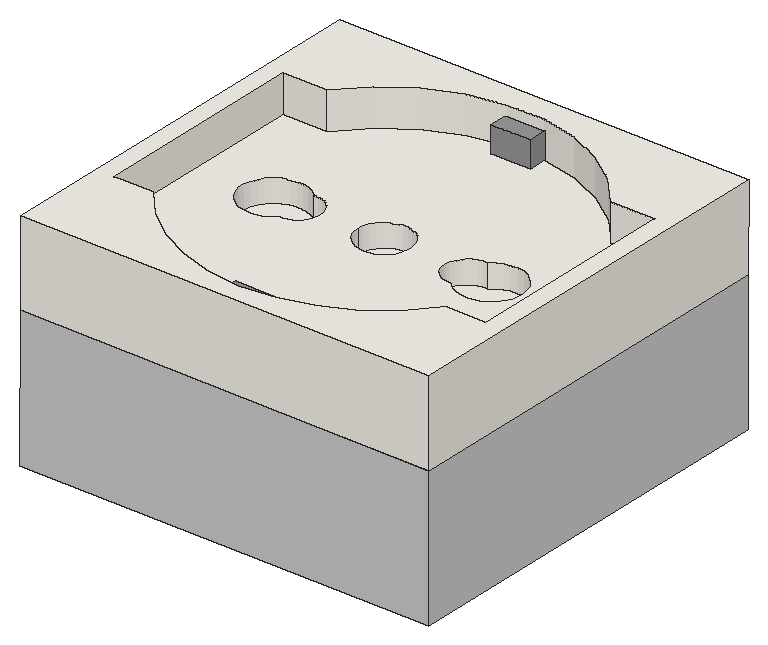
Revit family "Domotics-DomesticRanges-GEWISS-CHORUS_POWER-SOCKET-OUTLET_ITADEU_P30_16A", category Apparecchi elettrici, host Superficie, Revit 2016
Family settings
  Host = Superficie
  Mantenere orientamento annotazione = Sì
  Tipo di parte = Normale
  Quota connettore circolare = Usa diametro
  Numero OmniClass = 23.80.50.14
  Titolo OmniClass = Plug Connectors
  Taglio con vuoti quando caricato = Sì
  Condiviso = Sì
  Punto di calcolo locali = No
Parameters (values of type "GW14205 - Titanium")
  Wiring terminals = "With screw"
  Voltage: = "250 V ac"
  Voltage = "250 V ac"
  Vista di pianta [instance] = yes
  Version file RFA = "19.0"
  URL = "https://www.gewiss.com/ww/en"
  Type = "P30"
  Tipo_ = CHORUS PRESE ITAGER P30 16A_BASE : TITANIO
  Thermo-pressure with ball = "125 °C"
  Terminal tightening capacity rigid cables (mm2) = "min. 0,5 - max. 2x2,5"
  Terminal tightening capacity flexible cables (mm2) = "min. 0,75 - max. 2x4"
  Terminal grip on cable traction = "> 50 N"
  Technical sheet = "https://www.gewiss.com/ww/en/search?q=GW14205"
  Standard; = "IEC 60884-1"
  Standard: = "Italian / German"
  Standard = "Italian / German"
  Socket-out type = "P30"
  Simbolo_ = SIMBOLO PRESE : PRESA
  SIMBOLO [instance] = yes
  SEO = "Socket outlet"
  Resistance at test voltage = "2000 V at 50 Hz for 1 minute"
  Realized by GEWISS S.p.A. = ""
  Prolonged operation (no.of position changes) = "10.000 at In 250 V ac cosØ=0,8"
  Produttore = "GEWISS S.p.A."
  Offset presa [instance] = 0 mm
  No. Chorus modules: = "2"
  No. Chorus modules = "2"
  Modello = "GW14205"
  Larghezza presa = 46 mm
  Insulation resistance = "> 5 MOhm"
  IFC.TypeObject = ""
  IFC.ExportType = ""
  IFC.ExportAs = ""
  IDT = "4361459a-fdcf-4cc1-be1a-a7e1343b0a22"
  IDF = "2708ae5f-4db8-49eb-bc6d-5fb6d0f939dd"
  Glow Wire Test = "850°C"
  GW - Testo Elettrico = "UNIV."
  Offset bidimensionale7 = 2 mm  # constant formula
  For plug pins = "Ø 4 / 4.8 mm"
  Electrocod = "0131"
  Earth pit = "Side and central"
  EAN code = "8011564266322"
  Distanza_x [instance] = 0 mm  # constant formula
  Distanza_effettiva_x [instance] = 1500 mm - Distanza_x  # 1500 mm
  Default Elevation = 1219.2 mm
  Immagine tipo = GW14205.jpg
  Descrizione = "SOCKET 2M 2P+E 16A P30 IT/G ST TITANIUM"
  Description: = "2P+E - 16A"
  Description. = "Dual amperage socket-outlet"
  Cornice simbolo [instance] = yes
  Colour = "Titanium"
  Characteristics = "With safety shields"
  Category = "Dual amperage socket-outlet"
  Catalogue Range = "CHORUS - DOMESTIC RANGE"
  Catalogue = "DOMOTICS"
  COBie.Tagnumber = ""
  COBie.CreatedOn = ""
  COBie.CreatebBy = ""
  COBie.ComponentRegisterItemID = ""
  COBie.Component.TagNumber = ""
  COBie.Component.Space = ""
  COBie.Component.SerialNumber = ""
  COBie.Component.InstallationDate = ""
  COBie.Component.Description = ""
  COBie.Component.BarCode = ""
  Breaking capacity: = "1.25 In (100 position changes)"
Types (3, lengths in mm): name | Tipo_ | Technical sheet | Modello | IDT | EAN code | Immagine tipo | Descrizione | Description. | Colour | Category
  GW10205 - White | CHORUS PRESE ITAGER P30 16A_BASE : BIANCO | "https://www.gewiss.com/ww/en/search?q=GW10205" | "GW10205" | "6f927c5d-74ee-4dff-9f37-f799bf4b2693" | "8011564257948" | GW10205.jpg | "S. OUT. 2M 2P+EARTH 16A P30 IT/DE ST WH" | "Socket-outlet" | "White" | "Socket-outlet"
  GW12205 - Black | CHORUS PRESE ITAGER P30 16A_BASE : NERO | "https://www.gewiss.com/ww/en/search?q=GW12205" | "GW12205" | "23d8ec0d-d4e9-416f-953e-5ff4d338385d" | "8011564266902" | GW12205.jpg | "SOCKET, 2M 2P+E 16A P30 IT/G ST BLACK" | "Dual amperage socket-outlet" | "Black" | "Dual amperage socket-outlet"
  GW14205 - Titanium | CHORUS PRESE ITAGER P30 16A_BASE : TITANIO | "https://www.gewiss.com/ww/en/search?q=GW14205" | "GW14205" | "4361459a-fdcf-4cc1-be1a-a7e1343b0a22" | "8011564266322" | GW14205.jpg | "SOCKET 2M 2P+E 16A P30 IT/G ST TITANIUM" | "Dual amperage socket-outlet" | "Titanium" | "Dual amperage socket-outlet"
Reference planes
  plane 1 "Centro (Fronte/Retro)": y = 0
  plane 2: z = 0
  plane 3 "Centro (Sinistra/Destra)": x = 0
  plane 4: z = 0
  plane 5 "piano bidimensionale": z = 28
  plane 6: x = 0
  plane 7: x = -23
  plane 8: x = 23
  plane 9: z = 26
  plane 10: x = -1500
Lines and regions (mm)
  Masking region 1, visible <- "Vista di pianta"
    outline origin (0, 0, 0) x (1, 0, 0) y (0, 0, 1)
      loop
        line (-23, 26) -> (-23, 0) -> (23, 0) -> (23, 26) -> (-23, 26)
  model lines, style "pulsanti", detail levels coarse
    curve 1: line (23, 22.5, 28) -> (23, -22.5, 28)
    curve 2: line (23, -22.5, 28) -> (-23, -22.5, 28)
    curve 3: line (-23, -22.5, 28) -> (-23, 22.5, 28)
    curve 4: line (-23, 22.5, 28) -> (23, 22.5, 28)
    curve 5: arc (2.942, 0, 28) -> (0, -2.942, 28) -> (-2.942, 0, 28) r 2.942
    curve 6: arc (-2.942, 0, 28) -> (0, 2.942, 28) -> (2.942, 0, 28) r 2.942
    curve 7: arc (-9.662, -2.712, 28) -> (-15.774, -0.395, 28) -> (-9.805, 2.27, 28) r 3.536
    curve 8: arc (-9.805, 2.27, 28) -> (-7.04, -0.143, 28) -> (-9.662, -2.712, 28) r 2.5
    curve 9: arc (9.805, 2.27, 28) -> (15.774, -0.395, 28) -> (9.662, -2.712, 28) r 3.536
    curve 10: arc (9.662, -2.712, 28) -> (7.04, -0.143, 28) -> (9.805, 2.27, 28) r 2.5
    curve 11: line (-2.211, 17.826, 28) -> (2.211, 17.826, 28)
    curve 12: line (2.211, 17.826, 28) -> (2.211, 19.836, 28)
    curve 13: line (-2.211, 19.836, 28) -> (-2.211, 17.826, 28)
    curve 14: line (2.211, -18.215, 28) -> (-2.211, -18.215, 28)
    curve 15: line (-2.211, -18.215, 28) -> (-2.211, -20.225, 28)
    curve 16: line (2.211, -20.225, 28) -> (2.211, -18.215, 28)
    curve 17: line (-20.961, -11.913, 28) -> (-20.961, 11.913, 28)
    curve 18: line (-20.961, 11.913, 28) -> (-16.013, 11.913, 28)
    curve 19: arc (-16.013, 11.913, 28) -> (0, 19.959, 28) -> (16.013, 11.913, 28) r 19.959
    curve 20: line (16.013, 11.913, 28) -> (20.961, 11.913, 28)
    curve 21: line (20.961, 11.913, 28) -> (20.961, -11.913, 28)
    curve 22: line (20.961, -11.913, 28) -> (16.493, -11.913, 28)
    curve 23: arc (16.493, -11.913, 28) -> (0, -20.345, 28) -> (-16.493, -11.913, 28) r 20.345
    curve 24: line (-16.493, -11.913, 28) -> (-20.961, -11.913, 28)
  model lines, style "pulsanti", not visible, detail levels coarse
    curve 25: line (23, 22.5, 28) -> (23, -22.5, 28)
    curve 26: line (23, -22.5, 28) -> (-23, -22.5, 28)
    curve 27: line (-23, -22.5, 28) -> (-23, 22.5, 28)
    curve 28: line (-23, 22.5, 28) -> (23, 22.5, 28)
    curve 29: arc (2.942, 0, 28) -> (0, -2.942, 28) -> (-2.942, 0, 28) r 2.942
    curve 30: arc (-2.942, 0, 28) -> (0, 2.942, 28) -> (2.942, 0, 28) r 2.942
    curve 31: arc (-9.662, -2.712, 28) -> (-15.774, -0.395, 28) -> (-9.805, 2.27, 28) r 3.536
    curve 32: arc (-9.805, 2.27, 28) -> (-7.04, -0.143, 28) -> (-9.662, -2.712, 28) r 2.5
    curve 33: arc (9.805, 2.27, 28) -> (15.774, -0.395, 28) -> (9.662, -2.712, 28) r 3.536
    curve 34: arc (9.662, -2.712, 28) -> (7.04, -0.143, 28) -> (9.805, 2.27, 28) r 2.5
    curve 35: line (-2.211, 17.826, 28) -> (2.211, 17.826, 28)
    curve 36: line (2.211, 17.826, 28) -> (2.211, 19.836, 28)
    curve 37: line (-2.211, 19.836, 28) -> (-2.211, 17.826, 28)
    curve 38: line (2.211, -18.215, 28) -> (-2.211, -18.215, 28)
    curve 39: line (-2.211, -18.215, 28) -> (-2.211, -20.225, 28)
    curve 40: line (2.211, -20.225, 28) -> (2.211, -18.215, 28)
    curve 41: line (-20.961, -11.913, 28) -> (-20.961, 11.913, 28)
    curve 42: line (-20.961, 11.913, 28) -> (-16.013, 11.913, 28)
    curve 43: arc (-16.013, 11.913, 28) -> (0, 19.959, 28) -> (16.013, 11.913, 28) r 19.959
    curve 44: line (16.013, 11.913, 28) -> (20.961, 11.913, 28)
    curve 45: line (20.961, 11.913, 28) -> (20.961, -11.913, 28)
    curve 46: line (20.961, -11.913, 28) -> (16.493, -11.913, 28)
    curve 47: arc (16.493, -11.913, 28) -> (0, -20.345, 28) -> (-16.493, -11.913, 28) r 20.345
    curve 48: line (-16.493, -11.913, 28) -> (-20.961, -11.913, 28)
Dimensions and locks
  "Offset presa": plane 4 to host face
  "Distanza_x": plane 6 to plane 3 "Centro (Sinistra/Destra)"
  equal spacing: plane 7, plane 3 "Centro (Sinistra/Destra)", plane 8
  "Larghezza presa": plane 7 to plane 8
  locked: plane 9 to plane 4 at 26
  "Distanza_effettiva_x": plane 10 to plane 6
  plane 10 to plane 3 "Centro (Sinistra/Destra)" = 1500 mm
  "Offset bidimensionale7": plane 5 "piano bidimensionale" to plane 9
  aligned and locked: plane 2 to host face
  aligned and locked: level to host face
  aligned and locked: plane 6 to nested 1
  aligned and locked: plane 7 to Masking region 1 sketch curve
  aligned and locked: plane 4 to Masking region 1 sketch curve
  aligned and locked: Masking region 1 sketch curve to plane 9
  aligned and locked: nested 2 to plane 4
Automatic sketch dimensions
  host sketch curve to host sketch curve = 2438.4 mm  (x2)
  curve 3 to curve 6 = 32.175 mm
  curve 5 to curve 2 = 30.143 mm
  curve 3 to curve 5 = 32.175 mm
  curve 2 to curve 2 = 46 mm
  curve 6 to curve 5 = 2.942 mm
  curve 5 to curve 6 = 0 mm  (x2)
  Masking region 1 sketch curve to plane 8 = 0 mm
Nested families
  nested 1: "SIMBOLO PRESE" at (0, 169.13, 0), TESTO ELETTRICO <- "GW - Testo Elettrico", BORDO ACCESO <- "Cornice simbolo", type <- "Simbolo_", SIMBOLO <- "SIMBOLO", type "PRESA"
    with TESTO ELETTRICO "UNIV.", SIMBOLO yes, Distanza dal muro 0.1 mm, BORDO ACCESO yes
  nested 2: "CHORUS PRESE ITAGER P30 16A_BASE" at (0, 0, 0), type <- "Tipo_", type "TITANIO"
Definition of nested family "CHORUS PRESE ITAGER P30 16A_BASE"
  Parameters (values of type "BIANCO")
    Elementi acciaio = none
    Supporto = none
    Pulsante = none
    Profondità suporto = 15.673 mm
    Larghezza pulsante = 46 mm  # constant formula
    Bidimensionale = 36.414 mm
    Altezza pulsante = 45 mm
  Types (3): name
    NERO
    TITANIO
    BIANCO
  Reference planes
    plane 1 "Centro (Fronte/Retro)": y = 0
    plane 2: z = 0
    plane 3 "Centro (Sinistra/Destra)": x = 0
    plane 4: y = -22.5
    plane 5: y = 22.5
    plane 6: x = -23
    plane 7: x = 23
    plane 8: z = 15.673
    plane 9 "PIANO BIDIMENSIONALE": z = 36.414
    plane 10: z = 25.215
    plane 11: z = 21.09
  Forms (mm)
    Extrusion 1, solid, material <- "Supporto", detail levels medium+fine
      sketch origin (0, 0, 0) x (0, 1, 0) y (0, 0, 1)
        loop
          line (-22.5, 0) -> (22.5, 0) -> (22.5, 15.673) -> (-22.5, 15.673) -> (-22.5, 0)
      from -23 to 23
    Extrusion 2, void
      sketch origin (0, 0, 36.414) x (-1, 0, 0) y (0, -1, 0)
        loop
          circle (0, 0) r 2.942
        loop
          arc (9.662, 2.712) -> (7.04, 0.143) -> (9.805, -2.27) r 2.5
          arc (9.805, -2.27) -> (15.774, 0.395) -> (9.662, 2.712) r 3.536
        loop
          arc (-9.805, -2.27) -> (-7.04, 0.143) -> (-9.662, 2.712) r 2.5
          arc (-9.662, 2.712) -> (-15.774, 0.395) -> (-9.805, -2.27) r 3.536
      from -17.891 to -15.324
    Extrusion 3, solid, material <- "Pulsante", detail levels medium+fine
      sketch origin (0, 0, 36.414) x (-1, 0, 0) y (0, -1, 0)
        loop
          line (23, -22.5) -> (23, 22.5) -> (-23, 22.5) -> (-23, -22.5) -> (23, -22.5)
        loop
          arc (-16.013, -11.913) -> (0, -19.959) -> (16.013, -11.913) r 19.959
          line (16.013, -11.913) -> (20.961, -11.913) -> (20.961, 11.913) -> (16.493, 11.913)
          arc (16.493, 11.913) -> (0, 20.345) -> (-16.493, 11.913) r 20.345
          line (-16.493, 11.913) -> (-20.961, 11.913) -> (-20.961, -11.913) -> (-16.013, -11.913)
      from -20.741 to -11.199
    Extrusion 4, solid, material <- "Pulsante", detail levels medium+fine
      sketch origin (0, 0, 36.414) x (-1, 0, 0) y (0, -1, 0)
        loop
          arc (-16.013, -11.913) -> (0, -19.959) -> (16.013, -11.913) r 19.959
          line (16.013, -11.913) -> (20.961, -11.913) -> (20.961, 11.913) -> (16.493, 11.913)
          arc (16.493, 11.913) -> (0, 20.345) -> (-16.493, 11.913) r 20.345
          line (-16.493, 11.913) -> (-20.961, 11.913) -> (-20.961, -11.913) -> (-16.013, -11.913)
      from -20.741 to -15.324
    Extrusion 5, solid, material <- "Elementi acciaio", detail levels medium+fine
      sketch origin (0, 0, 36.414) x (-1, 0, 0) y (0, -1, 0)
        loop
          arc (-2.211, -19.836) -> (0, -19.959) -> (2.211, -19.836) r 19.959
          line (2.211, -19.836) -> (2.211, -17.826) -> (-2.211, -17.826) -> (-2.211, -19.836)
        loop
          line (-2.211, 20.225) -> (-2.211, 18.215) -> (2.211, 18.215) -> (2.211, 20.225)
          arc (2.211, 20.225) -> (0, 20.345) -> (-2.211, 20.225) r 20.345
      from -15.324 to -12.393
  Cuts and joins
    Extrusion 2 cuts Extrusion 4
  Lines and regions (mm)
    Masking region 1
      outline origin (0, 0, 36.414) x (-1, 0, 0) y (0, -1, 0)
        loop
          line (23, -22.5) -> (23, 22.5) -> (-23, 22.5) -> (-23, -22.5) -> (23, -22.5)
        loop
          line (16.013, -11.913) -> (20.961, -11.913) -> (20.961, 11.913) -> (16.493, 11.913)
          arc (16.493, 11.913) -> (0, 20.345) -> (-16.493, 11.913) r 20.345
          line (-16.493, 11.913) -> (-20.961, 11.913) -> (-20.961, -11.913) -> (-16.013, -11.913)
          arc (-16.013, -11.913) -> (0, -19.959) -> (16.013, -11.913) r 19.959
    Masking region 2
      outline origin (0, 0, 36.414) x (-1, 0, 0) y (0, -1, 0)
        loop
          line (16.013, -11.913) -> (20.961, -11.913) -> (20.961, 11.913) -> (16.493, 11.913)
          arc (16.493, 11.913) -> (10.234, 17.584) -> (2.211, 20.225) r 20.345
          line (2.211, 20.225) -> (2.211, 18.215) -> (-2.211, 18.215) -> (-2.211, 20.225)
          arc (-2.211, 20.225) -> (-10.234, 17.584) -> (-16.493, 11.913) r 20.345
          line (-16.493, 11.913) -> (-20.961, 11.913) -> (-20.961, -11.913) -> (-16.013, -11.913)
          arc (-16.013, -11.913) -> (-9.936, -17.31) -> (-2.211, -19.836) r 19.959
          line (-2.211, -19.836) -> (-2.211, -17.826) -> (2.211, -17.826) -> (2.211, -19.836)
          arc (2.211, -19.836) -> (9.936, -17.31) -> (16.013, -11.913) r 19.959
        loop
          arc (9.805, -2.27) -> (15.774, 0.395) -> (9.662, 2.712) r 3.536
          arc (9.662, 2.712) -> (7.04, 0.143) -> (9.805, -2.27) r 2.5
        loop
          circle (0, 0) r 2.942
        loop
          arc (-9.662, 2.712) -> (-15.774, 0.395) -> (-9.805, -2.27) r 3.536
          arc (-9.805, -2.27) -> (-7.04, 0.143) -> (-9.662, 2.712) r 2.5
    Masking region 3
      outline origin (0, 0, 36.414) x (-1, 0, 0) y (0, -1, 0)
        loop
          line (2.211, -19.836) -> (2.211, -17.826) -> (-2.211, -17.826) -> (-2.211, -19.836)
          arc (-2.211, -19.836) -> (0, -19.959) -> (2.211, -19.836) r 19.959
        loop
          arc (2.211, 20.223) -> (0, 20.345) -> (-2.211, 20.223) r 19.959
          line (-2.211, 20.223) -> (-2.211, 18.213) -> (2.211, 18.213) -> (2.211, 20.223)
  Dimensions and locks
    equal spacing: plane 4, plane 1 "Centro (Fronte/Retro)", plane 5
    plane 4 to plane 5 = 45 mm
    equal spacing: plane 6, plane 3 "Centro (Sinistra/Destra)", plane 7
    "Larghezza pulsante": plane 6 to plane 7
    equal spacing: plane 5, plane 1 "Centro (Fronte/Retro)", plane 4
    "Altezza pulsante": plane 5 to plane 4
    "Profondità suporto": plane 8 to plane 2
    "Bidimensionale": plane 9 "PIANO BIDIMENSIONALE" to level
    aligned and locked: level to plane 2
    aligned and locked: Extrusion 1 sketch curve to plane 4
    aligned and locked: plane 5 to Extrusion 1 sketch curve
    aligned and locked: Extrusion 1 sketch curve to plane 2
    aligned and locked: Extrusion 1 to plane 6
    aligned and locked: plane 7 to Extrusion 1
    aligned and locked: Masking region 1 sketch curve to plane 5
    aligned and locked: Masking region 1 sketch curve to plane 7
    aligned and locked: Masking region 1 to plane 4
    aligned and locked: Extrusion 3 sketch curve to Extrusion 1  (x4)
    aligned and locked: Extrusion 3 to Extrusion 1
    aligned and locked: Extrusion 3 to plane 10
    aligned and locked: Extrusion 4 to Extrusion 1
    aligned and locked: plane 11 to Extrusion 4
    aligned and locked: plane 11 to Extrusion 2
    aligned and locked: Extrusion 5 to plane 11
  Automatic sketch dimensions
    plane 4 to Masking region 1 sketch curve = 0 mm
    plane 1 "Centro (Fronte/Retro)" to Extrusion 2 sketch curve = 0 mm
    Extrusion 2 sketch curve to plane 3 "Centro (Sinistra/Destra)" = 0 mm
    plane 1 "Centro (Fronte/Retro)" to Extrusion 2 sketch curve = 0.215 mm  (x2)
    Extrusion 2 sketch curve to plane 3 "Centro (Sinistra/Destra)" = 9.539 mm
    plane 1 "Centro (Fronte/Retro)" to Extrusion 2 sketch curve = 0.293 mm  (x2)
    Extrusion 2 sketch curve to Extrusion 2 sketch curve = 2.701 mm  (x2)
    Extrusion 2 sketch curve to Extrusion 2 sketch curve = 0.122 mm  (x2)
    Extrusion 2 sketch curve to plane 1 "Centro (Fronte/Retro)" = 2.27 mm  (x2)
    plane 3 "Centro (Sinistra/Destra)" to Extrusion 2 sketch curve = 9.539 mm
    Masking region 1 sketch curve to plane 6 = 0 mm
    Extrusion 3 sketch curve to Extrusion 3 sketch curve = 0 mm  (x2)
    plane 1 "Centro (Fronte/Retro)" to Extrusion 3 sketch curve = 0 mm
    Extrusion 3 sketch curve to plane 3 "Centro (Sinistra/Destra)" = 0 mm
    Extrusion 3 sketch curve to plane 7 = 2.039 mm
    Extrusion 3 sketch curve to Extrusion 3 sketch curve = 4.468 mm
    Extrusion 3 sketch curve to Extrusion 3 sketch curve = 4.947 mm
    plane 6 to Extrusion 3 sketch curve = 6.987 mm
    plane 6 to Extrusion 3 sketch curve = 6.507 mm
    plane 6 to Extrusion 3 sketch curve = 2.039 mm
    Extrusion 3 sketch curve to plane 5 = 10.587 mm
    plane 4 to Extrusion 3 sketch curve = 10.587 mm
    plane 8 to Extrusion 1 sketch curve = 0 mm
    Extrusion 4 sketch curve to Extrusion 4 sketch curve = 0 mm  (x2)
    plane 1 "Centro (Fronte/Retro)" to Extrusion 4 sketch curve = 0 mm
    Extrusion 4 sketch curve to plane 3 "Centro (Sinistra/Destra)" = 0 mm
    Extrusion 4 sketch curve to plane 7 = 6.987 mm
    Extrusion 4 sketch curve to plane 7 = 6.507 mm
    Extrusion 4 sketch curve to plane 7 = 2.039 mm
    plane 6 to Extrusion 4 sketch curve = 6.987 mm
    plane 6 to Extrusion 4 sketch curve = 6.507 mm
    plane 6 to Extrusion 4 sketch curve = 2.039 mm
    Extrusion 4 sketch curve to plane 5 = 10.587 mm
    plane 4 to Extrusion 4 sketch curve = 10.587 mm
    Extrusion 5 sketch curve to plane 5 = 4.674 mm
    Extrusion 5 sketch curve to plane 3 "Centro (Sinistra/Destra)" = 2.211 mm  (x2)
    Extrusion 5 sketch curve to Extrusion 5 sketch curve = 2.01 mm  (x2)
    plane 1 "Centro (Fronte/Retro)" to Extrusion 5 sketch curve = 0 mm
    Extrusion 5 sketch curve to Extrusion 5 sketch curve = 0 mm  (x2)
    plane 4 to Extrusion 5 sketch curve = 4.285 mm
    plane 3 "Centro (Sinistra/Destra)" to Extrusion 5 sketch curve = 2.211 mm
    plane 4 to Extrusion 5 sketch curve = 2.275 mm
    Extrusion 5 sketch curve to plane 3 "Centro (Sinistra/Destra)" = 0 mm
    Masking region 1 sketch curve to plane 7 = 2.039 mm
    Masking region 1 sketch curve to Masking region 1 sketch curve = 4.468 mm
    Masking region 1 sketch curve to Masking region 1 sketch curve = 4.947 mm
    plane 6 to Masking region 1 sketch curve = 6.987 mm
    plane 6 to Masking region 1 sketch curve = 6.507 mm
    plane 6 to Masking region 1 sketch curve = 2.039 mm
    Masking region 1 sketch curve to plane 5 = 10.587 mm
    plane 4 to Masking region 1 sketch curve = 10.587 mm
    Masking region 2 sketch curve to Masking region 2 sketch curve = 0 mm  (x8)
    plane 1 "Centro (Fronte/Retro)" to Masking region 2 sketch curve = 0 mm
    Masking region 2 sketch curve to plane 3 "Centro (Sinistra/Destra)" = 0 mm
    Masking region 2 sketch curve to plane 7 = 6.987 mm
    Masking region 2 sketch curve to plane 7 = 6.507 mm
    Masking region 2 sketch curve to plane 7 = 2.039 mm
    plane 6 to Masking region 2 sketch curve = 6.987 mm
    plane 6 to Masking region 2 sketch curve = 6.507 mm
    plane 6 to Masking region 2 sketch curve = 2.039 mm
    plane 1 "Centro (Fronte/Retro)" to Masking region 2 sketch curve = 0.215 mm  (x2)
    Masking region 2 sketch curve to plane 3 "Centro (Sinistra/Destra)" = 9.539 mm
    plane 1 "Centro (Fronte/Retro)" to Masking region 2 sketch curve = 0.293 mm  (x2)
    Masking region 2 sketch curve to Masking region 2 sketch curve = 2.701 mm  (x2)
    Masking region 2 sketch curve to Masking region 2 sketch curve = 0.122 mm  (x2)
    Masking region 2 sketch curve to plane 1 "Centro (Fronte/Retro)" = 2.27 mm
    Masking region 2 sketch curve to Masking region 2 sketch curve = 2.942 mm
    Masking region 2 sketch curve to Masking region 2 sketch curve = 9.298 mm
    Masking region 2 sketch curve to Masking region 2 sketch curve = 0.266 mm
    Masking region 2 sketch curve to plane 3 "Centro (Sinistra/Destra)" = 2.211 mm  (x2)
    Masking region 2 sketch curve to Masking region 2 sketch curve = 2.01 mm  (x3)
    plane 3 "Centro (Sinistra/Destra)" to Masking region 2 sketch curve = 2.211 mm  (x2)
    Masking region 2 sketch curve to plane 5 = 4.674 mm
    Masking region 2 sketch curve to plane 5 = 10.587 mm
    plane 4 to Masking region 2 sketch curve = 10.587 mm
    Masking region 1 sketch curve to Masking region 1 sketch curve = 0 mm  (x2)
    plane 1 "Centro (Fronte/Retro)" to Masking region 1 sketch curve = 0 mm
    Masking region 1 sketch curve to plane 3 "Centro (Sinistra/Destra)" = 0 mm
    Masking region 3 sketch curve to Masking region 3 sketch curve = 0 mm
    Masking region 3 sketch curve to Masking region 3 sketch curve = 0.387 mm
    plane 1 "Centro (Fronte/Retro)" to Masking region 3 sketch curve = 0 mm
    Masking region 3 sketch curve to plane 3 "Centro (Sinistra/Destra)" = 0 mm
    plane 3 "Centro (Sinistra/Destra)" to Masking region 3 sketch curve = 2.211 mm  (x2)
    Masking region 3 sketch curve to plane 3 "Centro (Sinistra/Destra)" = 2.211 mm  (x2)
    Masking region 3 sketch curve to plane 5 = 4.674 mm
    Masking region 3 sketch curve to Masking region 3 sketch curve = 2.01 mm  (x2)
    plane 4 to Masking region 3 sketch curve = 4.287 mm
    radius of Extrusion 2 sketch curve = 2.942 mm
Definition of nested family "SIMBOLO PRESE"
  Parameters (values of type "PRESA")
    TESTO ELETTRICO [instance] = "TXT"
    Simbolo = SIMBOLO PRESE_BASE : PRESA
    SIMBOLO [instance] = yes
    Distanza dal muro [instance] = 4.208 mm
    BORDO ACCESO [instance] = yes
  Reference planes
    plane 1: y = 0
    plane 2: x = 0
  Dimensions and locks
    "Distanza dal muro": plane 1 to nested 1
  Nested families
    nested 1: "SIMBOLO PRESE_BASE" at (0, 4.208, 0), type <- "Simbolo", TESTO ELETTRICO <- "TESTO ELETTRICO", BORDO ACCESO <- "BORDO ACCESO", visible <- "SIMBOLO", type "PRESA"
      with TESTO ELETTRICO "TXT", BORDO ACCESO yes
  Definition of nested family "SIMBOLO PRESE_BASE"
    Parameters (values of type "PRESA")
      TESTO ELETTRICO [instance] = "TXT"
      Distanza dal muro = 4.208 mm
      BORDO ACCESO [instance] = yes
    Reference planes
      plane 1: y = 0
      plane 2: x = 0
    Lines and regions (mm)
      detail lines, visible <- "BORDO ACCESO", not visible
        curve 1: line (-1.743, 9.208, 0) -> (2.057, 9.208, 0)
        curve 2: line (2.057, 9.208, 0) -> (2.057, 4.208, 0)
        curve 3: line (2.057, 4.208, 0) -> (-1.743, 4.208, 0)
        curve 4: line (-1.743, 4.208, 0) -> (-1.743, 9.208, 0)
        curve 5: line (-1.543, 9.008, 0) -> (1.857, 9.008, 0)
        curve 6: line (1.857, 9.008, 0) -> (1.857, 4.408, 0)
        curve 7: line (1.857, 4.408, 0) -> (-1.543, 4.408, 0)
        curve 8: line (-1.543, 4.408, 0) -> (-1.543, 9.008, 0)
      detail lines
        curve 9: line (0.783, 1.133, 0) -> (-0.783, 1.133, 0)
        curve 10: line (0, 1.133, 0) -> (0, 0.349, 0)
        curve 11: arc (-0.783, 1.916, 0) -> (0, 1.133, 0) -> (0.783, 1.916, 0) r 0.783
    Text (mm)
      label "TXT" at (0.016, 1.578, 0), shows "TESTO ELETTRICO"
